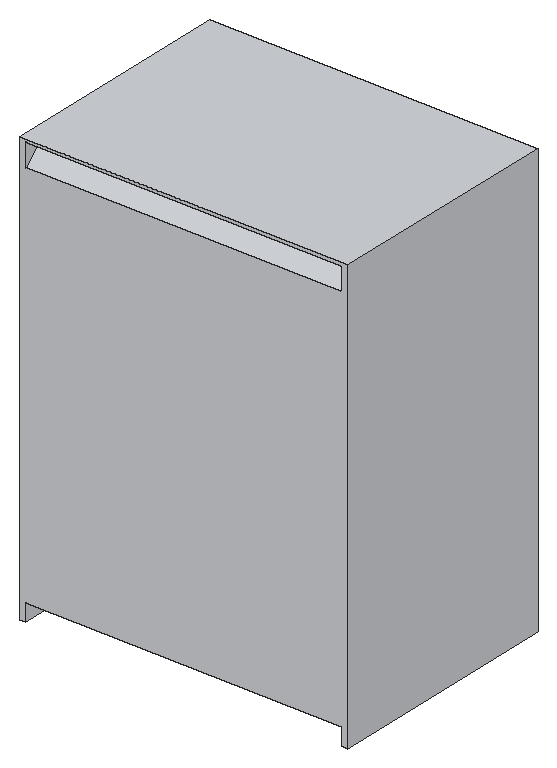
Revit family "a7ca3d8a54a245bca54233f40a12b300", category Electrical Equipment, Revit 2021
Family settings
  Round Connector Dimension = Use Diameter
  Part Type = Transformer
  OmniClass Number = 23.80.10.14.11
  OmniClass Title = Power Transformers
  Seek Item ID = Dry Type Transformer - 480-208Y120 - NEMA Type 2-0000-USA-ENU
  Work Plane-Based = No
  Always vertical = Yes
  Cut with Voids When Loaded = No
  Shared = No
  Room Calculation Point = No
Parameters (values of type "30 kVA")
  Transformer Material = none
  Transformer Length = 4' - 8"
  built-in parameter 1140142 [instance] = -1
  Primary Voltage = 480 V
  Primary Number of Poles = 3
  built-in parameter 1140079 [instance] = 3
  Transformer Height = 6' - 2"
  built-in parameter 1140140 [instance] = 1 (stored number, unit not read)
  Load Classification = Transformer
  built-in parameter 1140083 [instance] = "Type 2"
  Transformer Width = 3' - 4 1/2"
  Default Elevation = 0' - 0"
  built-in parameter 1140087 [instance] = element -7000011
  Assembly Code = ""
Types (10): name | Transformer Length | Transformer Height | Transformer Width
  15 kVA | 1' - 8" | 2' - 3" | 1' - 4"
  45 kVA | 1' - 8" | 2' - 6" | 1' - 8"
  30 kVA | 1' - 8" | 2' - 3" | 1' - 4"
  75 kVA | 1' - 8" | 2' - 6" | 1' - 8"
  112.5 kVA | 2' - 6" | 3' - 1" | 2' - 0"
  150 kVA | 2' - 8" | 3' - 7 3/4" | 2' - 3"
  225 kVA | 2' - 11" | 4' - 1 1/2" | 2' - 4 1/2"
  300 kVA | 3' - 5" | 4' - 1 1/2" | 2' - 8"
  500 kVA | 4' - 0" | 5' - 11" | 3' - 0"
  750 kVA | 4' - 8" | 6' - 2" | 3' - 4 1/2"
Reference planes (in)
  plane 1 "Center (Front/Back)": y = 15.14629
  plane 2: z = 0
  plane 3 "Center (Left/Right)": x = 0
  plane 4: x = -28
  plane 5: x = 28
  plane 6: y = -25.35371
  plane 7: z = 74
  plane 8: x = -27
  plane 9: x = 27
  plane 10: z = 3
  plane 11: z = 73.5
  plane 12: y = -21.35371
  plane 13: z = 69.5
  plane 14: y = 11.14629
  plane 15: y = 12.14629
  plane 16: z = 6
Forms (in)
  Extrusion 1, solid, material <- "Transformer Material", detail levels fine
    sketch origin (0, 0, 0) x (1, 0, 0) y (0, 1, 0)
      loop
        line (-28, -25.35371) -> (28, -25.35371) -> (28, 15.14629) -> (-28, 15.14629) -> (-28, -25.35371)
    from 0 to 74
  Extrusion 2, void
    sketch origin (0, 15.14629, 0) x (1, 0, 0) y (0, 0, 1)
      loop
        line (-27, 3) -> (-27, 0) -> (27, 0) -> (27, 3) -> (-27, 3)
    from 0 to 40.5
  Extrusion 3, void
    sketch origin (0, 0, 0) x (0, 1, 0) y (0, 0, 1)
      loop
        line (-25.35371, 73.5) -> (-25.35371, 69.5) -> (-21.35371, 73.5) -> (-25.35371, 73.5)
    from -27 to 27
  Extrusion 4, void
    sketch origin (0, 0, 0) x (0, 1, 0) y (0, 0, 1)
      loop
        line (15.14629, 73.5) -> (11.14629, 73.5) -> (15.14629, 69.5) -> (15.14629, 73.5)
    from -27 to 27
  Extrusion 5, solid, material <- "Transformer Material", detail levels coarse+medium
    sketch origin (55.88548, 37.23223, 0) x (1, 0, 0) y (0, 1, 0)
      loop
        line (-83.88548, -22.08594) -> (-83.88548, -62.58594) -> (-27.88548, -62.58594) -> (-27.88548, -22.08594) -> (-83.88548, -22.08594)
    from 0 to 74
Cuts and joins
  Extrusion 2, Extrusion 3, Extrusion 4 cuts Extrusion 1
Dimensions and locks (in)
  equal spacing: plane 4, plane 3 "Center (Left/Right)", plane 5
  "Transformer Length": plane 4 to plane 5
  "Transformer Width": plane 6 to plane 1 "Center (Front/Back)"
  "Transformer Height": plane 7 to plane 2
  locked: plane 4 to plane 8 at 1
  locked: plane 9 to plane 5 at 1
  locked: plane 10 to level at 3
  locked: plane 11 to plane 13 at 4
  locked: plane 7 to plane 11 at 0.5
  locked: plane 6 to plane 12 at 4
  locked: plane 14 to plane 1 "Center (Front/Back)" at 4
  locked: plane 1 "Center (Front/Back)" to plane 15 at 3
  locked: plane 16 to level at 6
  aligned and locked: plane 6 to Extrusion 1
  aligned and locked: Extrusion 1 to plane 4
  aligned and locked: plane 5 to Extrusion 1
  aligned and locked: plane 1 "Center (Front/Back)" to Extrusion 1
  aligned and locked: plane 7 to Extrusion 1
  aligned and locked: plane 10 to Extrusion 2
  aligned and locked: plane 9 to Extrusion 2
  aligned and locked: Extrusion 2 to plane 8
  aligned and locked: Extrusion 2 to level
  aligned and locked: Extrusion 2 to plane 6
  aligned and locked: plane 1 "Center (Front/Back)" to Extrusion 2
  aligned and locked: plane 11 to cut or joined group of Extrusion 1, Extrusion 2, Extrusion 3, Extrusion 4  (x2)
  aligned and locked: plane 6 to cut or joined group of Extrusion 1, Extrusion 2, Extrusion 3, Extrusion 4
  aligned and locked: plane 13 to cut or joined group of Extrusion 1, Extrusion 2, Extrusion 3, Extrusion 4  (x4)
  aligned and locked: plane 12 to cut or joined group of Extrusion 1, Extrusion 2, Extrusion 3, Extrusion 4
  aligned and locked: plane 9 to cut or joined group of Extrusion 1, Extrusion 2, Extrusion 3, Extrusion 4  (x2)
  aligned and locked: cut or joined group of Extrusion 1, Extrusion 2, Extrusion 3, Extrusion 4 to plane 8  (x2)
  aligned and locked: plane 1 "Center (Front/Back)" to cut or joined group of Extrusion 1, Extrusion 2, Extrusion 3, Extrusion 4
  aligned and locked: plane 14 to cut or joined group of Extrusion 1, Extrusion 2, Extrusion 3, Extrusion 4
  aligned and locked: Extrusion 5 to plane 1 "Center (Front/Back)"
  aligned and locked: Extrusion 5 to plane 6
  aligned and locked: plane 5 to Extrusion 5
  aligned and locked: Extrusion 5 to plane 4
  aligned and locked: Extrusion 5 to level
  aligned and locked: plane 7 to Extrusion 5
  aligned and locked: connector elem to plane 15
  aligned and locked: plane 16 to connector elem
Automatic sketch dimensions
  Extrusion 1 sketch curve to plane 1 "Center (Front/Back)" = 0' - 0"
  Extrusion 1 sketch curve to plane 4 = 0' - 0"
  Extrusion 1 sketch curve to plane 5 = 0' - 0"
  Extrusion 1 sketch curve to plane 6 = 0' - 0"
  plane 4 to Extrusion 2 sketch curve = 0' - 1"
  Extrusion 2 sketch curve to Extrusion 2 sketch curve = 4' - 6"
  Extrusion 2 sketch curve to level = 0' - 0"
  level to Extrusion 2 sketch curve = 0' - 3"
  Extrusion 3 sketch curve to plane 6 = 0' - 0"
  Extrusion 3 sketch curve to plane 12 = 0' - 0"
  Extrusion 3 sketch curve to plane 13 = 0' - 0"
  Extrusion 3 sketch curve to plane 11 = 0' - 0"
  Extrusion 4 sketch curve to plane 11 = 0' - 0"
  Extrusion 4 sketch curve to plane 14 = 0' - 0"
  Extrusion 4 sketch curve to plane 1 "Center (Front/Back)" = 0' - 0"
  Extrusion 4 sketch curve to plane 13 = 0' - 0"
  plane 4 to Extrusion 5 sketch curve = 0' - 0"
  Extrusion 5 sketch curve to Extrusion 5 sketch curve = 4' - 8"
  plane 6 to Extrusion 5 sketch curve = 0' - 0"
  Extrusion 5 sketch curve to Extrusion 5 sketch curve = 3' - 4 1/2"
Connectors (in)
  electrical at (-28, 12.14629, 6), driven by "Primary Number of Poles", driven by "Primary Voltage", driven by "Load Classification"
    settings: on plane 4, index 1, voltage 480 V, apparent load 0 VA, apparent load phase1 0 VA, apparent load phase2 0 VA, apparent load phase3 0 VA, power factor 1, load classification "Transformer", number of poles 3, system type 31, power factor state 1, is connector primary yes, connector utility no, sub classification motor no, connector description ""
  cabletrayconduit at (0, -5.10371, 74), diameter 24
    settings: on cut or joined group of Extrusion 1, Extrusion 2, Extrusion 3, Extrusion 4, index 2, connector width 1' - 0", connector height 1' - 0", connector angle 0.00°, system type 32, placement type 1, profile type 0, connector reference index -1, is primary connector yes, connector utility param no, connector description ""
  cabletrayconduit at (-28, -5.10371, 37), diameter 24
    settings: on cut or joined group of Extrusion 1, Extrusion 2, Extrusion 3, Extrusion 4, index 3, connector width 1' - 0", connector height 1' - 0", connector angle 0.00°, system type 32, placement type 1, profile type 0, connector reference index -1, is primary connector no, connector utility param no, connector description ""
  cabletrayconduit at (28, -5.10371, 37), diameter 24
    settings: on cut or joined group of Extrusion 1, Extrusion 2, Extrusion 3, Extrusion 4, index 4, connector width 1' - 0", connector height 1' - 0", connector angle 0.00°, system type 32, placement type 1, profile type 0, connector reference index -1, is primary connector no, connector utility param no, connector description ""
  cabletrayconduit at (0, 15.14629, 19.25), diameter 24
    settings: on cut or joined group of Extrusion 1, Extrusion 2, Extrusion 3, Extrusion 4, index 5, connector width 1' - 0", connector height 1' - 0", connector angle 0.00°, system type 32, placement type 1, profile type 0, connector reference index -1, is primary connector no, connector utility param no, connector description ""
  cabletrayconduit at (0, -5.10371, 3), diameter 24
    settings: on cut or joined group of Extrusion 1, Extrusion 2, Extrusion 3, Extrusion 4, index 6, connector width 1' - 0", connector height 1' - 0", connector angle 0.00°, system type 32, placement type 1, profile type 0, connector reference index -1, is primary connector no, connector utility param no, connector description ""
